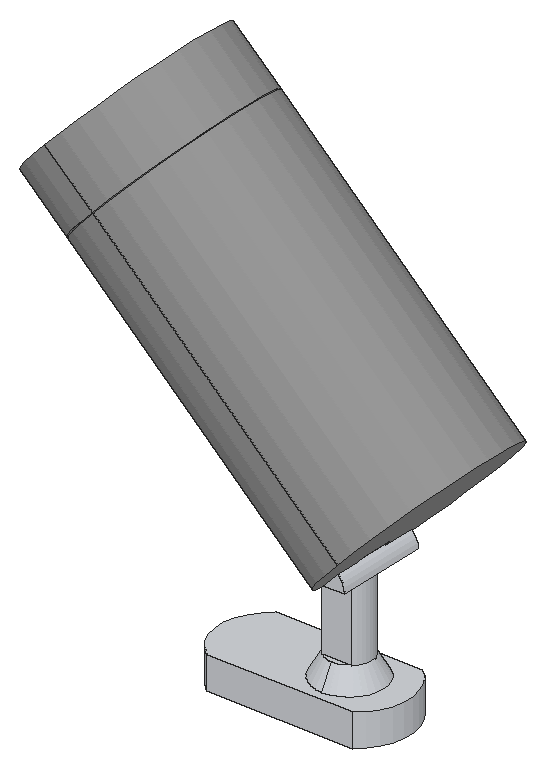
Revit family "0005536", category Generic Models, host Face, Revit 2018
Family settings
  Host = Face
  Can host rebar = No
  Round Connector Dimension = Use Diameter
  Part Type = Normal
  OmniClass Number = 23.80.70.00
  OmniClass Title = Lighting
  Cut with Voids When Loaded = No
  Shared = No
  Room Calculation Point = No
Parameters (values of type "Type Name")
  Width = 75 mm
  URL = "http://www.sylvania-lighting.com"
  Type Image = <None>
  Type Comments = "n/a"
  Material_3_SYL = none
  Model = ""
  Manufacturer = "Feilo Sylvania"
  Length = 158 mm
  Keynote = ""
  Material_2_SYL = none
  Height = 202 mm
  Description = ""
  Default Elevation = 1219.2 mm
  Cost = 0
  Material_1_SYL = none
  Assembly Code = ""
  Material_4_SYL = none
  Adaptor width = 32 mm
  Adaptor length = 70 mm
Reference planes
  plane 1 "Center (Front/Back)": y = 0
  plane 2: z = 0
  plane 3 "Center (Left/Right)": x = 0
  plane 4: y = 16
  plane 5: y = -16
  plane 6: x = -35
  plane 7: x = 35
  plane 8: z = 20
  plane 9: z = 35
  plane 10: z = 202
  plane 11: z = -30
  plane 12: z = -20
  plane 13: y = -46
  plane 14: y = 46
  plane 15: z = -31.471
  plane 16: z = -32.971
  plane 17: x = -27
  plane 18: x = 27
  plane 19: x = 17
  plane 20: y = 37.5
  plane 21: y = -37.5
  plane 22: x = -92.589
  plane 23: x = 65.411
Forms (mm)
  Extrusion 1, solid
    sketch origin (0, 0, 0) x (1, 0, 0) y (0, 1, 0)
      loop
        line (-27, -16) -> (27, -16)
        arc (27, -16) -> (35, 0) -> (27, 16) r 20
        line (27, 16) -> (-27, 16)
        arc (-27, 16) -> (-35, 0) -> (-27, -16) r 20
    from 0 to 12
Dimensions and locks
  "Adaptor width": plane 4 to plane 5
  equal spacing: plane 4, plane 1 "Center (Front/Back)", plane 5
  "Adaptor length": plane 6 to plane 7
  equal spacing: plane 6, plane 3 "Center (Left/Right)", plane 7
  "Width": plane 20 to plane 21
  equal spacing: plane 20, plane 1 "Center (Front/Back)", plane 21
  "Length": plane 22 to plane 23
  "Height": plane 10 to host face
  aligned and locked: plane 2 to host face
  aligned and locked: level to host face
Automatic sketch dimensions
  host sketch curve to host sketch curve = 2438.4 mm  (x2)
  Extrusion 1 sketch curve to plane 5 = 0 mm
  Extrusion 1 sketch curve to plane 4 = 0 mm
  Extrusion 1 sketch curve to plane 17 = 0 mm  (x2)
  plane 1 "Center (Front/Back)" to Extrusion 1 sketch curve = 0 mm
  Extrusion 1 sketch curve to plane 18 = 0 mm
  plane 17 to Extrusion 1 sketch curve = 12 mm
  Extrusion 1 sketch curve to plane 19 = 2 mm
Nested families
  nested 1: "0005536 Lenzo arm and Spot Generic Family face based" at (12.897, 0, 12) x (0, -1, 0) z (0, 0, 1), type "Type Name"
Definition of nested family "0005536 Lenzo arm and Spot Generic Family face based"
  Parameters (values of type "Type Name")
    cutout = 11.5 mm
    Width = 25 mm
    URL = "http://www.sylvania-lighting.com"
    Type Image = (empty or 0)
    Type Comments = "n/a"
    Material_3_SYL = none
    Model = ""
    Manufacturer = "Feilo Sylvania"
    Length = 25 mm
    Keynote = ""
    Material_2_SYL = none
    Description = ""
    Default Elevation = 1219.2 mm
    Cost = 0
    Material_1_SYL = none
    Assembly Code = ""
    Material_4_SYL = none
  Reference planes
    plane 1 "Center (Front/Back)": y = 0
    plane 2: z = 0
    plane 3 "Center (Left/Right)": x = 0
    plane 4: y = 12.5
    plane 5: y = -12.5
    plane 6: x = -12.5
    plane 7: x = 12.5
    plane 8: z = 55
    plane 9: y = -46
    plane 10: y = 46
    plane 11: z = 8
    plane 12: x = 8
    plane 13: x = -8
    plane 14: x = 5.75
    plane 15: x = -5.75
    plane 16: z = 47
    plane 17: z = 39
  Forms (mm)
    Extrusion 1, solid
      sketch origin (4.2, 0, 0) x (1, 0, 0) y (0, 1, 0)
        loop
          line (-1219.2, 1219.2) -> (-1219.2, -1219.2) -> (1219.2, -1219.2) -> (1219.2, 1219.2) -> (-1219.2, 1219.2)
      from 0 to -68.017
    Blend 2, solid
      base sketch origin (0, 0, 0) x (1, 0, 0) y (0, 1, 0)
        loop
          circle (0, 0) r 12.5
      top sketch origin (0, 0, 0) x (1, 0, 0) y (0, 1, 0)
        loop
          circle (0, 0) r 8
      from 0 to 8
    Extrusion 3, solid
      sketch origin (0, 0, 0) x (1, 0, 0) y (0, 1, 0)
        loop
          circle (0, 0) r 8
      from 0 to 47
    Extrusion 4, void
      sketch origin (1524, -324.9, 1219.2) x (1, 0, 0) y (0, 0, 1)
        loop
          line (-1529.75, -1172.2) -> (-1538.187, -1172.2) -> (-1538.187, -1219.2) -> (-1529.75, -1219.2) -> (-1529.75, -1172.2)
      from -331.966 to -316.181
    Extrusion 5, void
      sketch origin (1542.25, -324.9, 1219.2) x (1, 0, 0) y (0, 0, 1)
        loop
          line (-1529.75, -1172.2) -> (-1536.5, -1172.2) -> (-1536.5, -1219.2) -> (-1529.75, -1219.2) -> (-1529.75, -1172.2)
      from -331.966 to -316.181
    Revolve 6, solid
      sketch origin (-1547.657, 3.925, 1218.875) x (-1, 0, 0) y (0, 0, 1)
        loop
          line (-1530.908, -1172.2) -> (-1564.772, -1172.2) -> (-1564.772, -1180.2) -> (-1530.908, -1180.2) -> (-1530.908, -1172.2)
        axis (-1530.908, -1180.2) -> (-1564.772, -1180.2)
      angle from -88.188 to -43.188
  Cuts and joins
    Extrusion 4, Extrusion 5 cuts Extrusion 3
  Dimensions and locks
    "Width": plane 4 to plane 5
    equal spacing: plane 4, plane 1 "Center (Front/Back)", plane 5
    "Length": plane 6 to plane 7
    equal spacing: plane 6, plane 3 "Center (Left/Right)", plane 7
    "cutout": plane 15 to plane 14
    equal spacing: plane 15, plane 3 "Center (Left/Right)", plane 14
    aligned and locked: plane 2 to Extrusion 1
    aligned and locked: level to Extrusion 1
  Automatic sketch dimensions
    Extrusion 1 sketch curve to Extrusion 1 sketch curve = 2438.4 mm  (x2)
    plane 1 "Center (Front/Back)" to Blend 2 sketch curve = 0 mm  (x2)
    Blend 2 sketch curve to plane 3 "Center (Left/Right)" = 0 mm  (x2)
    plane 1 "Center (Front/Back)" to Extrusion 3 sketch curve = 0 mm
    Extrusion 3 sketch curve to plane 3 "Center (Left/Right)" = 0 mm
    Extrusion 4 sketch curve to level = 0 mm
    plane 15 to Extrusion 4 sketch curve = 0 mm
    Extrusion 4 sketch curve to plane 6 = 1.687 mm
    Extrusion 4 sketch curve to plane 8 = 8 mm
    Extrusion 5 sketch curve to level = 0 mm
    Extrusion 5 sketch curve to plane 7 = 0 mm
    plane 14 to Extrusion 5 sketch curve = 0 mm
    Extrusion 5 sketch curve to plane 8 = 8 mm
    Revolve 6 sketch curve to plane 17 = 0.325 mm  (x2)
    plane 3 "Center (Left/Right)" to Revolve 6 sketch curve = 17.114 mm
    plane 13 to Revolve 6 sketch curve = 8.749 mm
    Revolve 6 sketch curve to plane 16 = 0.325 mm
    plane 12 to Revolve 6 sketch curve = 6.556 mm
    Revolve 6 sketch curve to plane 6 = 26.056 mm
    radius of Blend 2 sketch curve = 12.5 mm
    radius of Blend 2 sketch curve = 8 mm
    radius of Extrusion 3 sketch curve = 8 mm
  Nested families
    nested 1: "0005536 Lenzo Spotlight Family face based" at (0, 25.741, 61.917) x (1, 0, 0) z (0, -0.7291, 0.6844), type "0005536 LENZO LARGE 30W 940 ON BOARD DIM WHITE"
      with WarrantyStartDate "n/a", SerialNumber "n/a", InstallationDate "n/a", built-in parameter 1114216 (empty or 0), BarCode "n/a", AssetIdentifier "n/a"
  Definition of nested family "0005536 Lenzo Spotlight Family face based"
    Parameters (values of type "0005536 LENZO LARGE 30W 940 ON BOARD DIM WHITE")
      Weight = "n/a"
      Wattage Comments = ""
      Wattage = 9.2903 W
      WarrantyStartDate [instance] = "n/a"
      WarrantyGuarantorParts = "n/a"
      WarrantyDurationUnit = "n/a"
      WarrantyDurationParts = ""
      WarrantyDescription = "http://www.sylvania-lighting.com"
      built-in parameter 1150110 = 1 (stored number, unit not read)
      Voltage = 0 V
      URL = "0.9"
      TypeName = "Lenzo Large 30W 940 On Board Dim White"
      Type Image = (empty or 0)
      Type Comments = "n/a"
      built-in parameter 1114217 = 1 (stored number, unit not read)
      Tilt Angle = -90.00°
      built-in parameter 1150109 = 1 (stored number, unit not read)
      built-in parameter 1150134 = 3
      built-in parameter 1150113 = 1 (stored number, unit not read)
      SerialNumber [instance] = "n/a"
      Photometric Web File = "0005536-WB.IES"
      Material_3_SYL = none
      PowerFactor = 0
      PowerConsumption = "Lighting"
      NominalLength = 75 mm
      NominalHeight = 45 mm
      NominalDepth = 75 mm
      Name = "Lenzo Large 30W 940 On Board Dim White"
      ModelReference = Name  # "Lenzo Large 30W 940 On Board Dim White"
      ModelNumber = "0005536"
      Model = Name  # "Lenzo Large 30W 940 On Board Dim White"
      Material = "Feilo Sylvania"
      ManufacturerName = "75 lm/W"
      Manufacturer = ""
      LuminousEfficacy = ""
      built-in parameter 1150105 = 109.82 (stored number, unit not read)
      Lumens = 1380 lm
      LuminaireType = "0"
      built-in parameter 1150115 = 1 (stored number, unit not read)
      LightOutputRatio = "LED"
      built-in parameter 1150137 = (empty or 0)
      built-in parameter 1150139 = (empty or 0)
      LampsType = Lamp  # "n/a"
      LampNominalLuminous = "4000 K"
      LampMacAdamStep = "90"
      LampColourTemperature = "LED"
      LampColourRenderingIndex = "16500"
      built-in parameter 1150112 = 1 (stored number, unit not read)
      built-in parameter 1150114 = 1 (stored number, unit not read)
      Lamp = "n/a"
      Keynote = "n/a"
      InstallationDate [instance] = "n/a"
      InputVoltage = "0"
      InputNominalFrequency = "4000"
      built-in parameter 1150132 = (empty or 0)
      built-in parameter 1150102 = (empty or 0)
      built-in parameter 1150107 = 3200 (stored number, unit not read)
      built-in parameter 1150138 = (empty or 0)
      IngressProtection = "IfcLightFixtureType"
      ImpactProtectionIndex = "IfcLightFixtureType"
      built-in parameter 1150106 = 1.0982 (stored number, unit not read)
      IfcExportType = "IfcLightFixtureType"
      IfcExportAs = "Class I"
      Emit from Circle Diameter = 609.6 mm
      Emit Shape Visible in Rendering = no
      ElectricShockClassification = "75"
      built-in parameter 1150104 = 13.8 (stored number, unit not read)
      DocumentationLiterature = "http://www.sylvania-lighting.com/product/en-int/products/0005536"
      DimmingControlOptions = "n/a"
      Material_2_SYL = none
      Dimming Lamp Color Temperature Shift = (empty or 0)
      Description = "The new generation of Lenzo improves the Sylvania track spot range with a simple and slick integral design fixture, with no driver box and no visible screws. Simple and integral design (diameter Ø75mm). Die cast aluminium body, passive cooling heat sink. Adjustable beam angle 18° - 50° Textured White - RAL 9016.Light color temperature: 4000K, neutral white, total system power: 30W. Total fixture output: 2250lm, efficacy: 75lm/W, Ra90 typical, LED chromacity: 3 step MacAdam ellipse (SDCM3), IR/UV free light source without heat radiation, operating voltage: 220-240V / 50-60Hz. On Board dimming driver, ultra low flicker rate, power factor: >0.90, electrical protection: Class I. Degree of protection: IP20, suitable for indoor environment only. Suitable for 3-circuit tracks, horizontal rotation: 345°, vertical tilt: 90°. Dimensions: Ø75x221mm, weight: 0.72Kg."
      Default Elevation = 1219.2 mm
      CreatedOn = "03/04/2023"
      CreatedBy = "@sylvania-lighting.com"
      Cost = 0
      Color Filter = 16777215
      built-in parameter 1114216 [instance] = (empty or 0)
      ClassificationValue = "EF_70_80"
      ClassificationName = "Uniclass2015"
      Material_1_SYL = none
      BarCode [instance] = "n/a"
      built-in parameter 1114218 = 1 (stored number, unit not read)
      built-in parameter 1150133 = 10 (stored number, unit not read)
      AssetType = "Fixed"
      AssetIdentifier [instance] = "n/a"
      Assembly Code = "D5020200"
      Apparent Load = 30 VA
      Material_4_SYL = none
    Reference planes
      plane 1 "Center (Front/Back)": y = 0
      plane 2: z = 0
      plane 3 "Center (Left/Right)": x = 0
      plane 4: x = -37.5
      plane 5: x = 37.5
      plane 6: y = 37.5
      plane 7: y = -37.5
      plane 8: z = 45
      plane 9: y = -21.5
      plane 10: x = -7
      plane 11: x = 7
    Forms (mm)
      Extrusion 1, solid
        sketch origin (4.2, 0, 0) x (1, 0, 0) y (0, 1, 0)
          loop
            line (-1219.2, 1219.2) -> (-1219.2, -1219.2) -> (1219.2, -1219.2) -> (1219.2, 1219.2) -> (-1219.2, 1219.2)
        from 0 to -68.017
      Extrusion 2, solid
        sketch origin (0, 0, 0) x (1, 0, 0) y (0, 1, 0)
          loop
            circle (0.015, 0.002) r 37.498
        from 0 to 124
      Extrusion 3, solid
        sketch origin (0, 0, 0) x (1, 0, 0) y (0, 1, 0)
          loop
            circle (0, 0) r 37.5
        from 124 to 148
      Extrusion 4, void
        sketch origin (0, 0, 0) x (1, 0, 0) y (0, 1, 0)
          loop
            line (-7, -21.5) -> (-7, -37.5) -> (7, -37.5) -> (7, -21.5) -> (-7, -21.5)
        from 0 to 32
      Extrusion 5, void
        sketch origin (0, 0, 0) x (1, 0, 0) y (0, 1, 0)
          loop
            circle (0, 0) r 35
        from 148 to 145.5
      Blend 6, void
        base sketch origin (0, 0, 0) x (1, 0, 0) y (0, 1, 0)
          loop
            circle (0, 0) r 35
        top sketch origin (0, 0, 0) x (1, 0, 0) y (0, 1, 0)
          loop
            circle (0, 0) r 25
        from 145.5 to 143
      Extrusion 7, void
        sketch origin (0, 0, 0) x (1, 0, 0) y (0, 1, 0)
          loop
            circle (0, 0) r 25
        from 143 to 131
      Blend 8, void
        base sketch origin (0, 0, 0) x (1, 0, 0) y (0, 1, 0)
          loop
            circle (0, 0) r 25
        top sketch origin (0, 0, 0) x (1, 0, 0) y (0, 1, 0)
          loop
            circle (0, 0) r 15
        from 131 to 121
      Extrusion 9, solid, detail levels fine
        sketch origin (0, 0, 0) x (1, 0, 0) y (0, 1, 0)
          loop
            circle (0, 0) r 15
        from 121 to 122
    Cuts and joins
      Extrusion 4, Extrusion 5, Blend 6, Extrusion 7, Blend 8 cuts Extrusion 2
      Extrusion 5, Blend 6, Extrusion 7, Blend 8 cuts Extrusion 3
    Dimensions and locks
      "NominalLength": plane 4 to plane 5
      equal spacing: plane 4, plane 3 "Center (Left/Right)", plane 5
      "NominalDepth": plane 6 to plane 7
      equal spacing: plane 6, plane 1 "Center (Front/Back)", plane 7
      "NominalHeight": plane 8 to level
      aligned and locked: plane 2 to Extrusion 1
      aligned and locked: level to Extrusion 1
    Automatic sketch dimensions
      Extrusion 1 sketch curve to Extrusion 1 sketch curve = 2438.4 mm  (x2)
      Extrusion 2 sketch curve to plane 1 "Center (Front/Back)" = 0.002 mm
      plane 3 "Center (Left/Right)" to Extrusion 2 sketch curve = 0.015 mm
      plane 1 "Center (Front/Back)" to Extrusion 3 sketch curve = 0 mm
      Extrusion 3 sketch curve to plane 3 "Center (Left/Right)" = 0 mm
      Extrusion 4 sketch curve to plane 7 = 0 mm
      Extrusion 4 sketch curve to plane 10 = 0 mm
      Extrusion 4 sketch curve to plane 11 = 0 mm
      Extrusion 4 sketch curve to plane 9 = 0 mm
      plane 1 "Center (Front/Back)" to Extrusion 5 sketch curve = 0 mm
      Extrusion 5 sketch curve to plane 3 "Center (Left/Right)" = 0 mm
      plane 1 "Center (Front/Back)" to Blend 6 sketch curve = 0 mm  (x2)
      Blend 6 sketch curve to plane 3 "Center (Left/Right)" = 0 mm  (x2)
      plane 1 "Center (Front/Back)" to Extrusion 7 sketch curve = 0 mm
      Extrusion 7 sketch curve to plane 3 "Center (Left/Right)" = 0 mm
      plane 1 "Center (Front/Back)" to Blend 8 sketch curve = 0 mm  (x2)
      Blend 8 sketch curve to plane 3 "Center (Left/Right)" = 0 mm  (x2)
      plane 1 "Center (Front/Back)" to Extrusion 9 sketch curve = 0 mm
      Extrusion 9 sketch curve to plane 3 "Center (Left/Right)" = 0 mm
      radius of Extrusion 2 sketch curve = 37.498 mm
      radius of Extrusion 3 sketch curve = 37.5 mm
      radius of Extrusion 5 sketch curve = 35 mm
      radius of Blend 6 sketch curve = 35 mm
      radius of Blend 6 sketch curve = 25 mm
      radius of Extrusion 7 sketch curve = 25 mm
      radius of Blend 8 sketch curve = 25 mm
      radius of Blend 8 sketch curve = 15 mm
      radius of Extrusion 9 sketch curve = 15 mm
    Connectors
      electrical at (0, 0, 0), driven by "Apparent Load", driven by "PowerFactor", driven by "Voltage"
        settings: index 1, voltage 0 V, apparent load 30 VA, apparent load phase1 0 VA, apparent load phase2 0 VA, apparent load phase3 0 VA, power factor 0, load classification none, number of poles 1, system type 30, power factor state 1, is connector primary yes, connector utility no, sub classification motor no, connector description ""
